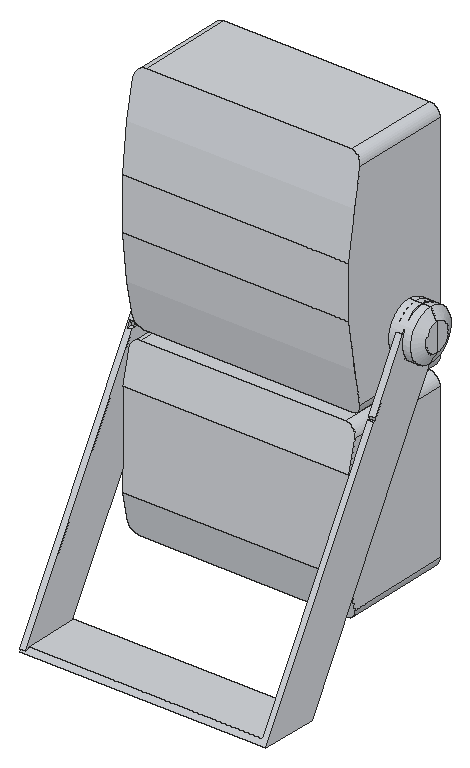
Revit family "Lighting-Floodlights-GEWISS-SMART[PRO]2.0-LED-MEDIUM-POWER_1MODULE_DALI.CLI", category Apparecchi per illuminazione, host Superficie, Revit 2019 (continued)
Types (46, lengths in mm): name | Voltage- | Versions | Unified Glare Rating | Typology | Technical sheet | Standard Deviation Colour Matching | Spostamento_x_effettivo | Spostamento_x | Regolazione inclinazione | Overvoltage resistance : | Optic : | Optic | Operating temperature: | Number of modules | Modello | Minimum distance from the illuminated object | Maximum surface exposed to the wind | Lumen output (lm) | Lifetime | Life Time L90B10 (Tq 50Â°C) : | Life Time L90B10 (Tq 40Â°C) | Life Time L90B10 (Tq 25Â°C) : | Life Time L80B10 (Tq 25Â°C) | Lamp- | LED current | IPEA | IDT | Flusso nominale | Efficiency (lm/W) | Descrizione | Colour temperature: | Colour temperature | Color Rendering Index | Catalogue Range
  GWP2174GD - SMART PRO 1M 4000K CRI70 TYPE C4 DALI | "220 / 240 V - 50 / 60 Hz" | "4000K natural light" | "G*6 - ULOR = 0" | "DALI" | "https://www.gewiss.com/ww/en/search?q=GWP2174GD" | "SDCM = 5" | 2938.794 | 1061.206 | "-120° ÷ + 120° Bracket" | "Common mode: 10KV; Differential mode: 6KV" | "Polished quartz and metallized PC HT reflector" | "C4 - Circular 15°" | "-30 +40 °C" | "1" | "GWP2174GD" | "1M" | "0,085M2" | "20500" | "L90B10 (Tq+25°C) - 50000h L90B10 (Tq+50°C) = 32000h L80B10 (Tq+25°C) - 110000h" | "" | "40000 H" | ">50000 H" | ">110000 H" | "LED" | "0,7 A" | "ROAD = A ++ // LARGE AREAS = A6 + // CYCLOPEDONALS = A3 + // GREEN AREAS = A3 + // HISTORICAL CENTER = A8 + // OTHER = A8 +" | "33379705db8c4ac6ad7f513b6c9e8b0f" | "24000" | "124" | "SMART PRO 1M 4000K CRI70 TYPE C4 DALI" | "4000 K (CRI>70)" | "4000K" | "CRI-70" | "SMART [PRO] 2.0"
  GWP2174HD - SMART PRO 1M 4000K CRI70 TYPE C3 DALI | "220 / 240 V - 50 / 60 Hz" | "4000K natural light" | "G*6 - ULOR = 0" | "DALI" | "https://www.gewiss.com/ww/en/search?q=GWP2174HD" | "SDCM = 5" | 2938.794 | 1061.206 | "-120° ÷ + 120° Bracket" | "Common mode: 10KV; Differential mode: 6KV" | "Polished quartz and metallized PC HT reflector" | "C3 - Circular 20°" | "-30 +40 °C" | "1" | "GWP2174HD" | "1M" | "0,085M2" | "20500" | "L90B10 (Tq+25°C) - 50000h L90B10 (Tq+50°C) = 32000h L80B10 (Tq+25°C) - 110000h" | "" | "40000 H" | ">50000 H" | ">110000 H" | "LED" | "0,7 A" | "ROAD = A ++ // LARGE AREAS = A6 + // CYCLOPEDONALS = A3 + // GREEN AREAS = A3 + // HISTORICAL CENTER = A8 + // OTHER = A8 +" | "c3bde94c8f45461f82fe022f054c9b62" | "24000" | "124" | "SMART PRO 1M 4000K CRI70 TYPE C3 DALI" | "4000 K (CRI>70)" | "4000K" | "CRI-70" | "SMART [PRO] 2.0"
  GWP2174LD - SMART PRO 1M 4000K CRI70 TYPE C2 DALI | "220 / 240 V - 50 / 60 Hz" | "4000K natural light" | "G*6 - ULOR = 0" | "DALI" | "https://www.gewiss.com/ww/en/search?q=GWP2174LD" | "SDCM = 5" | 2938.794 | 1061.206 | "-120° ÷ + 120° Bracket" | "Common mode: 10KV; Differential mode: 6KV" | "Polished quartz and metallized PC HT reflector" | "C2 - Circular 25°" | "-30 +40 °C" | "1" | "GWP2174LD" | "1M" | "0,085M2" | "20000" | "L90B10 (Tq+25°C) - 50000h L90B10 (Tq+50°C) = 32000h L80B10 (Tq+25°C) - 110000h" | "" | "40000 H" | ">50000 H" | ">110000 H" | "LED" | "0,7 A" | "ROAD = A ++ // LARGE AREAS = A5 + // CYCLOPEDONALS = A ++ // GREEN AREAS = A ++ // HISTORICAL CENTER = A7 + // OTHER = A7 +" | "b351f5220b6042cbaab340076bed8e38" | "24000" | "121" | "SMART PRO 1M 4000K CRI70 TYPE C2 DALI" | "4000 K (CRI>70)" | "4000K" | "CRI-70" | "SMART [PRO] 2.0"
  GWP2174MD - SMART PRO 1M 4000K CRI70 TYPE C1 DALI | "220 / 240 V - 50 / 60 Hz" | "4000K natural light" | "G*6 - ULOR = 0" | "DALI" | "https://www.gewiss.com/ww/en/search?q=GWP2174MD" | "SDCM = 5" | 2938.794 | 1061.206 | "-120° ÷ + 120° Bracket" | "Common mode: 10KV; Differential mode: 6KV" | "Polished quartz and metallized PC HT reflector" | "C1 - Circular 30°" | "-30 +40 °C" | "1" | "GWP2174MD" | "1M" | "0,085M2" | "20000" | "L90B10 (Tq+25°C) - 50000h L90B10 (Tq+50°C) = 32000h L80B10 (Tq+25°C) - 110000h" | "" | "40000 H" | ">50000 H" | ">110000 H" | "LED" | "0,7 A" | "ROAD = A ++ // LARGE AREAS = A5 + // CYCLOPEDONALS = A ++ // GREEN AREAS = A ++ // HISTORICAL CENTER = A7 + // OTHER = A7 +" | "875591dee17f4a41ab7b81d6d1d0d833" | "24000" | "121" | "SMART PRO 1M 4000K CRI70 TYPE C1 DALI" | "4000 K (CRI>70)" | "4000K" | "CRI-70" | "SMART [PRO] 2.0"
  GWP2175AD - SMART PRO 1M 5700K CRI70 TYPE S1 DALI | "220 / 240 V - 50 / 60 Hz" | "5700K cold light" | "G*6 - ULOR = 0" | "DALI" | "https://www.gewiss.com/ww/en/search?q=GWP2175AD" | "SDCM = 5" | 2938.794 | 1061.206 | "-120° ÷ + 120° Bracket" | "Common mode: 10KV; Differential mode: 6KV" | "Polished quartz and metallized PC HT reflector" | "S1 - Symmetric Wide" | "-30 +40 °C" | "1" | "GWP2175AD" | "1M" | "0,085M2" | "19600" | "L90B10 (Tq+25°C) - 50000h L90B10 (Tq+50°C) = 32000h L80B10 (Tq+25°C) - 110000h" | "" | "40000 H" | ">50000 H" | ">110000 H" | "LED" | "0,7 A" | "ROAD = A ++ // LARGE AREAS = A5 + // CYCLOPEDONALS = A ++ // GREEN AREAS = A ++ // HISTORICAL CENTER = A7 + // OTHER = A7 +" | "46392bc269c04283af3d267b4dc941af" | "24000" | "119" | "SMART PRO 1M 5700K CRI70 TYPE S1 DALI" | "5700 K (CRI>70)" | "5700K" | "CRI-70" | "SMART [PRO] 2.0"
  GWP2175BD - SMART PRO 1M 5700K CRI70 TYPE S2 DALI | "220 / 240 V - 50 / 60 Hz" | "5700K cold light" | "G*6 - ULOR = 0" | "DALI" | "https://www.gewiss.com/ww/en/search?q=GWP2175BD" | "SDCM = 5" | 2938.794 | 1061.206 | "-120° ÷ + 120° Bracket" | "Common mode: 10KV; Differential mode: 6KV" | "Polished anodised aluminum reflector with 99.99% pure aluminum" | "S2 - Symmetric Medium" | "-30 +40 °C" | "1" | "GWP2175BD" | "1M" | "0,085M2" | "20300" | "L90B10 (Tq+25°C) - 50000h L90B10 (Tq+50°C) = 32000h L80B10 (Tq+25°C) - 110000h" | "" | "40000 H" | ">50000 H" | ">110000 H" | "LED" | "0,7 A" | "ROAD = A ++ // LARGE AREAS = A6 + // CYCLOPEDONALS = A3 + // GREEN AREAS = A3 + // HISTORICAL CENTER = A7 + // OTHER = A7 +" | "119f826a083b40bdb4b0429b1f292288" | "24000" | "123" | "SMART PRO 1M 5700K CRI70 TYPE S2 DALI" | "5700 K (CRI>70)" | "5700K" | "CRI-70" | "SMART [PRO] 2.0"
  GWP2175CD - SMART PRO 1M 5700K CRI70 TYPE A1 DALI | "220 / 240 V - 50 / 60 Hz" | "5700K cold light" | "G*4 - ULOR = 0" | "DALI" | "https://www.gewiss.com/ww/en/search?q=GWP2175CD" | "SDCM = 5" | 2938.794 | 1061.206 | "-120° ÷ + 120° Bracket" | "Common mode: 10KV; Differential mode: 6KV" | "Polished quartz and metallized PC HT reflector" | "A1 - Asymmetrical Wide" | "-30 +40 °C" | "1" | "GWP2175CD" | "1M" | "0,085M2" | "19100" | "L90B10 (Tq+25°C) - 50000h L90B10 (Tq+50°C) = 32000h L80B10 (Tq+25°C) - 110000h" | "" | "40000 H" | ">50000 H" | ">110000 H" | "LED" | "0,7 A" | "ROAD = A + // LARGE AREAS = A5 + // CYCLOPEDONALS = A ++ // GREEN AREAS = A ++ // HISTORICAL CENTER = A6 + // OTHER = A6 +" | "1931f00c146d4d25943004ce45479592" | "24000" | "116" | "SMART PRO 1M 5700K CRI70 TYPE A1 DALI" | "5700 K (CRI>70)" | "5700K" | "CRI-70" | "SMART [PRO] 2.0"
  GWP2175FD - SMART PRO 1M 5700K CRI70 TYPE A2 DALI | "220 / 240 V - 50 / 60 Hz" | "5700K cold light" | "G*3 - ULOR = 0" | "DALI" | "https://www.gewiss.com/ww/en/search?q=GWP2175FD" | "SDCM = 5" | 2938.794 | 1061.206 | "-120° ÷ + 120° Bracket" | "Common mode: 10KV; Differential mode: 6KV" | "Polished anodised aluminum reflector with 99.99% pure aluminum" | "A2 - Asymmetrical Medium" | "-30 +40 °C" | "1" | "GWP2175FD" | "1M" | "0,085M2" | "16400" | "L90B10 (Tq+25°C) - 50000h L90B10 (Tq+50°C) = 32000h L80B10 (Tq+25°C) - 110000h" | "" | "40000 H" | ">50000 H" | ">110000 H" | "LED" | "0,7 A" | "ROAD = A // LARGE AREAS = A ++ // CYCLOPEDONALS = A // GREEN AREAS = A // HISTORICAL CENTER = A4 + // OTHER = A4 +" | "ddc547c578894b1298216b770cafd0b4" | "24000" | "99" | "SMART PRO 1M 5700K CRI70 TYPE A2 DALI" | "5700 K (CRI>70)" | "5700K" | "CRI-70" | "SMART [PRO] 2.0"
  GWP2175GD - SMART PRO 1M 5700K CRI70 TYPE C4 DALI | "220 / 240 V - 50 / 60 Hz" | "5700K cold light" | "G*6 - ULOR = 0" | "DALI" | "https://www.gewiss.com/ww/en/search?q=GWP2175GD" | "SDCM = 5" | 2938.794 | 1061.206 | "-120° ÷ + 120° Bracket" | "Common mode: 10KV; Differential mode: 6KV" | "Polished quartz and metallized PC HT reflector" | "C4 - Circular 15°" | "-30 +40 °C" | "1" | "GWP2175GD" | "1M" | "0,085M2" | "20500" | "L90B10 (Tq+25°C) - 50000h L90B10 (Tq+50°C) = 32000h L80B10 (Tq+25°C) - 110000h" | "" | "40000 H" | ">50000 H" | ">110000 H" | "LED" | "0,7 A" | "ROAD = A ++ // LARGE AREAS = A6 + // CYCLOPEDONALS = A3 + // GREEN AREAS = A3 + // HISTORICAL CENTER = A8 + // OTHER = A8 +" | "69762f017caf489d83bad4692ae63149" | "24000" | "124" | "SMART PRO 1M 5700K CRI70 TYPE C4 DALI" | "5700 K (CRI>70)" | "5700K" | "CRI-70" | "SMART [PRO] 2.0"
  GWP2175HD - SMART PRO 1M 5700K CRI70 TYPE C3 DALI | "220 / 240 V - 50 / 60 Hz" | "5700K cold light" | "G*6 - ULOR = 0" | "DALI" | "https://www.gewiss.com/ww/en/search?q=GWP2175HD" | "SDCM = 5" | 2938.794 | 1061.206 | "-120° ÷ + 120° Bracket" | "Common mode: 10KV; Differential mode: 6KV" | "Polished quartz and metallized PC HT reflector" | "C3 - Circular 20°" | "-30 +40 °C" | "1" | "GWP2175HD" | "1M" | "0,085M2" | "20500" | "L90B10 (Tq+25°C) - 50000h L90B10 (Tq+50°C) = 32000h L80B10 (Tq+25°C) - 110000h" | "" | "40000 H" | ">50000 H" | ">110000 H" | "LED" | "0,7 A" | "ROAD = A ++ // LARGE AREAS = A6 + // CYCLOPEDONALS = A3 + // GREEN AREAS = A3 + // HISTORICAL CENTER = A8 + // OTHER = A8 +" | "dba908b8bc5849fcb38b1480a8a6a124" | "24000" | "124" | "SMART PRO 1M 5700K CRI70 TYPE C3 DALI" | "5700 K (CRI>70)" | "5700K" | "CRI-70" | "SMART [PRO] 2.0"
  GWP2175LD - SMART PRO 1M 5700K CRI70 TYPE C2 DALI | "220 / 240 V - 50 / 60 Hz" | "5700K cold light" | "G*6 - ULOR = 0" | "DALI" | "https://www.gewiss.com/ww/en/search?q=GWP2175LD" | "SDCM = 5" | 2938.794 | 1061.206 | "-120° ÷ + 120° Bracket" | "Common mode: 10KV; Differential mode: 6KV" | "Polished quartz and metallized PC HT reflector" | "C2 - Circular 25°" | "-30 +40 °C" | "1" | "GWP2175LD" | "1M" | "0,085M2" | "20000" | "L90B10 (Tq+25°C) - 50000h L90B10 (Tq+50°C) = 32000h L80B10 (Tq+25°C) - 110000h" | "" | "40000 H" | ">50000 H" | ">110000 H" | "LED" | "0,7 A" | "ROAD = A ++ // LARGE AREAS = A5 + // CYCLOPEDONALS = A ++ // GREEN AREAS = A ++ // HISTORICAL CENTER = A7 + // OTHER = A7 +" | "edc56348042a45ad992585e710b22ea1" | "24000" | "121" | "SMART PRO 1M 5700K CRI70 TYPE C2 DALI" | "5700 K (CRI>70)" | "5700K" | "CRI-70" | "SMART [PRO] 2.0"
  GWP2175MD - SMART PRO 1M 5700K CRI70 TYPE C1 DALI | "220 / 240 V - 50 / 60 Hz" | "5700K cold light" | "G*6 - ULOR = 0" | "DALI" | "https://www.gewiss.com/ww/en/search?q=GWP2175MD" | "SDCM = 5" | 2939 | 1061 | "-120° ÷ + 120° Bracket" | "Common mode: 10KV; Differential mode: 6KV" | "Polished quartz and metallized PC HT reflector" | "C1 - Circular 30°" | "-30 +40 °C" | "1" | "GWP2175MD" | "1M" | "0,085M2" | "20000" | "L90B10 (Tq+25°C) - 50000h L90B10 (Tq+50°C) = 32000h L80B10 (Tq+25°C) - 110000h" | "" | "40000 H" | ">50000 H" | ">110000 H" | "LED" | "0,7 A" | "ROAD = A ++ // LARGE AREAS = A5 + // CYCLOPEDONALS = A ++ // GREEN AREAS = A ++ // HISTORICAL CENTER = A7 + // OTHER = A7 +" | "ffc022d0a8bd4decbcbec3e6ddc89799" | "24000" | "121" | "SMART PRO 1M 5700K CRI70 TYPE C1 DALI" | "5700 K (CRI>70)" | "5700K" | "CRI-70" | "SMART [PRO] 2.0"
  GWP2184AD - SMART PRO 1M 4000K CRI80 TYPE S1 DALI | "220 / 240 V - 50 / 60 Hz" | "4000K natural light" | "G*6 - ULOR = 0" | "DALI" | "https://www.gewiss.com/ww/en/search?q=GWP2184AD" | "SDCM = 3" | 2938.794 | 1061.206 | "-120° ÷ + 120° Bracket" | "Common mode: 10KV; Differential mode: 6KV" | "Polished quartz and metallized PC HT reflector" | "S1 - Symmetric Wide" | "-30 +40 °C" | "1" | "GWP2184AD" | "1M" | "0,085M2" | "18300" | "L90B10 (Tq+25°C) - 50000h L90B10 (Tq+50°C) = 32000h L80B10 (Tq+25°C) - 110000h" | "" | "40000 H" | ">50000 H" | ">110000 H" | "LED" | "0,7 A" | "-" | "d6225d75cf6b4744a1bc7dbdfeaaf00d" | "23000" | "111" | "SMART PRO 1M 4000K CRI80 TYPE S1 DALI" | "4000 K (CRI>80)" | "4000K" | "CRI-80" | "SMART [PRO] 2.0"
  GWP2184BD - SMART PRO 1M 4000K CRI80 TYPE S2 DALI | "220 / 240 V - 50 / 60 Hz" | "4000K natural light" | "G*6 - ULOR = 0" | "DALI" | "https://www.gewiss.com/ww/en/search?q=GWP2184BD" | "SDCM = 3" | 2938.794 | 1061.206 | "-120° ÷ + 120° Bracket" | "Common mode: 10KV; Differential mode: 6KV" | "Polished anodised aluminum reflector with 99.99% pure aluminum" | "S2 - Symmetric Medium" | "-30 +40 °C" | "1" | "GWP2184BD" | "1M" | "0,085M2" | "19000" | "L90B10 (Tq+25°C) - 50000h L90B10 (Tq+50°C) = 32000h L80B10 (Tq+25°C) - 110000h" | "" | "40000 H" | ">50000 H" | ">110000 H" | "LED" | "0,7 A" | "ROAD = A + // LARGE AREAS = A5 + // CYCLOPEDONALS = A ++ // GREEN AREAS = A ++ // HISTORICAL CENTER = A6 + // OTHER = A6 +" | "cb163016d8a64c65bcbe5f90d189a08e" | "23000" | "115" | "SMART PRO 1M 4000K CRI80 TYPE S2 DALI" | "4000 K (CRI>80)" | "4000K" | "CRI-80" | "SMART [PRO] 2.0"
  GWP2184CD - SMART PRO 1M 4000K CRI80 TYPE A1 DALI | "220 / 240 V - 50 / 60 Hz" | "4000K natural light" | "G*4 - ULOR = 0" | "DALI" | "https://www.gewiss.com/ww/en/search?q=GWP2184CD" | "SDCM = 3" | 2938.794 | 1061.206 | "-120° ÷ + 120° Bracket" | "Common mode: 10KV; Differential mode: 6KV" | "Polished quartz and metallized PC HT reflector" | "A1 - Asymmetrical Wide" | "-30 +40 °C" | "1" | "GWP2184CD" | "1M" | "0,085M2" | "17800" | "L90B10 (Tq+25°C) - 50000h L90B10 (Tq+50°C) = 32000h L80B10 (Tq+25°C) - 110000h" | "" | "40000 H" | ">50000 H" | ">110000 H" | "LED" | "0,7 A" | "ROAD = A + // LARGE AREAS = A3 + // CYCLOPEDONALS = A + // GREEN AREAS = A + // HISTORICAL CENTER = A5 + // OTHER = A5 +" | "0e63a9c1297f457eb1e2568cd6e6aa68" | "23000" | "108" | "SMART PRO 1M 4000K CRI80 TYPE A1 DALI" | "4000 K (CRI>80)" | "4000K" | "CRI-80" | "SMART [PRO] 2.0"
  GWP2184FD - SMART PRO 1M 4000K CRI80 TYPE A2 DALI | "220 / 240 V - 50 / 60 Hz" | "4000K natural light" | "G*3 - ULOR = 0" | "DALI" | "https://www.gewiss.com/ww/en/search?q=GWP2184FD" | "SDCM = 3" | 2938.794 | 1061.206 | "-120° ÷ + 120° Bracket" | "Common mode: 10KV; Differential mode: 6KV" | "Polished anodised aluminum reflector with 99.99% pure aluminum" | "A2 - Asymmetrical Medium" | "-30 +40 °C" | "1" | "GWP2184FD" | "1M" | "0,085M2" | "15300" | "L90B10 (Tq+25°C) - 50000h L90B10 (Tq+50°C) = 32000h L80B10 (Tq+25°C) - 110000h" | "" | "40000 H" | ">50000 H" | ">110000 H" | "LED" | "0,7 A" | "ROAD = B // LARGE AREAS = A + // CYCLOPEDONALS = B // GREEN AREAS = B // HISTORICAL CENTER = A3 + // OTHER = A3 +" | "703be24bf0034165aa37b59490841785" | "23000" | "93" | "SMART PRO 1M 4000K CRI80 TYPE A2 DALI" | "4000 K (CRI>80)" | "4000K" | "CRI-80" | "SMART [PRO] 2.0"
  GWP2184GD - SMART PRO 1M 4000K CRI80 TYPE C4 DALI | "220 / 240 V - 50 / 60 Hz" | "4000K natural light" | "G*6 - ULOR = 0" | "DALI" | "https://www.gewiss.com/ww/en/search?q=GWP2184GD" | "SDCM = 3" | 2938.794 | 1061.206 | "-120° ÷ + 120° Bracket" | "Common mode: 10KV; Differential mode: 6KV" | "Polished quartz and metallized PC HT reflector" | "C4 - Circular 15°" | "-30 +40 °C" | "1" | "GWP2184GD" | "1M" | "0,085M2" | "19100" | "L90B10 (Tq+25°C) - 50000h L90B10 (Tq+50°C) = 32000h L80B10 (Tq+25°C) - 110000h" | "" | "40000 H" | ">50000 H" | ">110000 H" | "LED" | "0,7 A" | "ROAD = A + // LARGE AREAS = A5 + // CYCLOPEDONALS = A ++ // GREEN AREAS = A ++ // HISTORICAL CENTER = A6 + // OTHER = A6 +" | "4cd1a6518dd04f62873fae35e7034f2f" | "23000" | "116" | "SMART PRO 1M 4000K CRI80 TYPE C4 DALI" | "4000 K (CRI>80)" | "4000K" | "CRI-80" | "SMART [PRO] 2.0"
  GWP2184HD - SMART PRO 1M 4000K CRI80 TYPE C3 DALI | "220 / 240 V - 50 / 60 Hz" | "4000K natural light" | "G*6 - ULOR = 0" | "DALI" | "https://www.gewiss.com/ww/en/search?q=GWP2184HD" | "SDCM = 3" | 2938.794 | 1061.206 | "-120° ÷ + 120° Bracket" | "Common mode: 10KV; Differential mode: 6KV" | "Polished quartz and metallized PC HT reflector" | "C3 - Circular 20°" | "-30 +40 °C" | "1" | "GWP2184HD" | "1M" | "0,085M2" | "19100" | "L90B10 (Tq+25°C) - 50000h L90B10 (Tq+50°C) = 32000h L80B10 (Tq+25°C) - 110000h" | "" | "40000 H" | ">50000 H" | ">110000 H" | "LED" | "0,7 A" | "ROAD = A + // LARGE AREAS = A5 + // CYCLOPEDONALS = A ++ // GREEN AREAS = A ++ // HISTORICAL CENTER = A6 + // OTHER = A6 +" | "7759a0156d114a6f8af528ec76b354e9" | "23000" | "116" | "SMART PRO 1M 4000K CRI80 TYPE C3 DALI" | "4000 K (CRI>80)" | "4000K" | "CRI-80" | "SMART [PRO] 2.0"
  GWP2184LD - SMART PRO 1M 4000K CRI80 TYPE C2 DALI | "220 / 240 V - 50 / 60 Hz" | "4000K natural light" | "G*6 - ULOR = 0" | "DALI" | "https://www.gewiss.com/ww/en/search?q=GWP2184LD" | "SDCM = 3" | 2938.794 | 1061.206 | "-120° ÷ + 120° Bracket" | "Common mode: 10KV; Differential mode: 6KV" | "Polished quartz and metallized PC HT reflector" | "C2 - Circular 25°" | "-30 +40 °C" | "1" | "GWP2184LD" | "1M" | "0,085M2" | "18700" | "L90B10 (Tq+25°C) - 50000h L90B10 (Tq+50°C) = 32000h L80B10 (Tq+25°C) - 110000h" | "" | "40000 H" | ">50000 H" | ">110000 H" | "LED" | "0,7 A" | "-" | "2a08f6d2fdf34a4b9e82a12940a9dce9" | "23000" | "113" | "SMART PRO 1M 4000K CRI80 TYPE C2 DALI" | "4000 K (CRI>80)" | "4000K" | "CRI-80" | "SMART [PRO] 2.0"
  GWP2184MD - SMART PRO 1M 4000K CRI80 TYPE C1 DALI | "220 / 240 V - 50 / 60 Hz" | "4000K natural light" | "G*6 - ULOR = 0" | "DALI" | "https://www.gewiss.com/ww/en/search?q=GWP2184MD" | "SDCM = 3" | 2938.794 | 1061.206 | "-120° ÷ + 120° Bracket" | "Common mode: 10KV; Differential mode: 6KV" | "Polished quartz and metallized PC HT reflector" | "C1 - Circular 30°" | "-30 +40 °C" | "1" | "GWP2184MD" | "1M" | "0,085M2" | "18700" | "L90B10 (Tq+25°C) - 50000h L90B10 (Tq+50°C) = 32000h L80B10 (Tq+25°C) - 110000h" | "" | "40000 H" | ">50000 H" | ">110000 H" | "LED" | "0,7 A" | "-" | "1c8557c44a7a4292b186e33cb6aec13a" | "23000" | "113" | "SMART PRO 1M 4000K CRI80 TYPE C1 DALI" | "4000 K (CRI>80)" | "4000K" | "CRI-80" | "SMART [PRO] 2.0"
  GWP2173ND - SMARTPRO2.0 1M 3000K CRI70 A3 DALI CL1 | "220 / 240 V - 50 / 60 Hz" | "3000K warm light" | "G*6 - ULOR = 0" | "DALI" | "https://www.gewiss.com/ww/en/search?q=GWP2173ND" | "SDCM = 5" | 2938.794 | 1061.206 | "-120° ÷ + 120° Bracket" | "Common mode: 10KV; Differential mode: 6KV" | "Polished anodised aluminum reflector with 99.99% pure aluminum" | "A3 - Assymetric Narrow" | "-30 +50 °C" | "1" | "GWP2173ND" | "1M" | "0,085M2" | "17600" | "L90B10 (Tq+25°C) - 50000h L90B10 (Tq+50°C) = 32000h L80B10 (Tq+25°C) - 110000h" | "32000 H" | "" | ">40000 H" | ">90000 H" | "LED" | "0,7 A" | "ROAD = A // LARGE AREAS = A3 + // CYCLOPEDONALS = A + // GREEN AREAS = A + // HISTORICAL CENTER = A5 + // OTHER = A5 +" | "2182814d225341a59a4a53d4f508f5ea" | "23000" | "107" | "SMARTPRO2.0 1M 3000K CRI70 A3 DALI CL1" | "3000 K (CRI>70)" | "3000K" | "CRI-70" | "SMART [PRO] 2.0"
  GWP2174ND - SMARTPRO2.0 1M 4000K CRI70 A3 DALI CL1 | "220 / 240 V - 50 / 60 Hz" | "4000K natural light" | "G*6 - ULOR = 0" | "DALI" | "https://www.gewiss.com/ww/en/search?q=GWP2174ND" | "SDCM = 5" | 2938.794 | 1061.206 | "-120° ÷ + 120° Bracket" | "Common mode: 10KV; Differential mode: 6KV" | "Polished anodised aluminum reflector with 99.99% pure aluminum" | "A3 - Assymetric Narrow" | "-30 +50 °C" | "1" | "GWP2174ND" | "1M" | "0,085M2" | "18800" | "L90B10 (Tq+25°C) - 50000h L90B10 (Tq+50°C) = 32000h L80B10 (Tq+25°C) - 110000h" | "32000 H" | "" | ">40000 H" | ">90000 H" | "LED" | "0,7 A" | "-" | "eb2cf4fa144146bfbd62718b20c03e0e" | "24000" | "114" | "SMARTPRO2.0 1M 4000K CRI70 A3 DALI CL1" | "4000 K (CRI>70)" | "4000K" | "CRI-70" | "SMART [PRO] 2.0"
  GWP2175ND - SMARTPRO2.0 1M 5700K CRI70 A3 DALI CL1 | "220 / 240 V - 50 / 60 Hz" | "5700K cold light" | "G*6 - ULOR = 0" | "DALI" | "https://www.gewiss.com/ww/en/search?q=GWP2175ND" | "SDCM = 5" | 2939 | 1061 | "-120° ÷ + 120° Bracket" | "Common mode: 10KV; Differential mode: 6KV" | "Polished anodised aluminum reflector with 99.99% pure aluminum" | "A3 - Assymetric Narrow" | "-30 +50 °C" | "1" | "GWP2175ND" | "1M" | "0,085M2" | "18800" | "L90B10 (Tq+25°C) - 50000h L90B10 (Tq+50°C) = 32000h L80B10 (Tq+25°C) - 110000h" | "32000 H" | "" | ">40000 H" | ">90000 H" | "LED" | "0,7 A" | "-" | "84e20e0ec7b84b139539c076501196d1" | "24000" | "114" | "SMARTPRO2.0 1M 5700K CRI70 A3 DALI CL1" | "5700 K (CRI>70)" | "5700K" | "CRI-70" | "SMART [PRO] 2.0"
  GWP2184ND - SMARTPRO2.0 1M 4000K CRI80 A3 DALI CL1 | "220 / 240 V - 50 / 60 Hz" | "4000K natural light" | "G*6 - ULOR = 0" | "DALI" | "https://www.gewiss.com/ww/en/search?q=GWP2184ND" | "SDCM = 3" | 2938.794 | 1061.206 | "-120° ÷ + 120° Bracket" | "Common mode: 10KV; Differential mode: 6KV" | "Polished anodised aluminum reflector with 99.99% pure aluminum" | "A3 - Assymetric Narrow" | "-30 +50 °C" | "1" | "GWP2184ND" | "1M" | "0,085M2" | "17600" | "L90B10 (Tq+25°C) - 50000h L90B10 (Tq+50°C) = 32000h L80B10 (Tq+25°C) - 110000h" | "32000 H" | "" | ">40000 H" | ">90000 H" | "LED" | "0,7 A" | "ROAD = A // LARGE AREAS = A3 + // CYCLOPEDONALS = A + // GREEN AREAS = A + // HISTORICAL CENTER = A5 + // OTHER = A5 +" | "a9b8ffb25108400b99db7532c65948c2" | "23000" | "107" | "SMARTPRO2.0 1M 4000K CRI80 A3 DALI CL1" | "4000 K (CRI>80)" | "4000K" | "CRI-80" | "SMART [PRO] 2.0"
  GWP2185AD - SMARTPRO2.0 1M 5700K CRI80 S1 DALI CL1 | "" | "5700K cold light" | "G*6 - ULOR = 0" | "" | "https://www.gewiss.com/ww/en/search?q=GWP2185AD" | "SDCM = 3" | 2938.794 | 1061.206 | "" | "" | "Polished quartz and metallized PC HT reflector" | "S1 - Symmetric Wide" | "" | "" | "GWP2185AD" | "" | "" | "18300" | "L90B10 (Tq+25°C) - 50000h L90B10 (Tq+50°C) = 32000h L80B10 (Tq+25°C) - 110000h" | "" | "" | "" | "" | "" | "" | "-" | "8188866e3caa46a7a08a37d9a5dfa893" | "" | "111" | "SMARTPRO2.0 1M 5700K CRI80 S1 DALI CL1" | "" | "5700K" | "CRI-80" | ""
  GWP2185BD - SMARTPRO2.0 1M 5700K CRI80 S2 DALI CL1 | "" | "5700K cold light" | "G*6 - ULOR = 0" | "" | "https://www.gewiss.com/ww/en/search?q=GWP2185BD" | "SDCM = 3" | 2938.794 | 1061.206 | "" | "" | "Polished anodised aluminum reflector with 99.99% pure aluminum" | "S2 - Symmetric Medium" | "" | "" | "GWP2185BD" | "" | "" | "19000" | "L90B10 (Tq+25°C) - 50000h L90B10 (Tq+50°C) = 32000h L80B10 (Tq+25°C) - 110000h" | "" | "" | "" | "" | "" | "" | "ROAD = A + // LARGE AREAS = A5 + // CYCLOPEDONALS = A ++ // GREEN AREAS = A ++ // HISTORICAL CENTER = A6 + // OTHER = A6 +" | "cd508921722e4b9e9ae4d8cdaf121cf5" | "" | "115" | "SMARTPRO2.0 1M 5700K CRI80 S2 DALI CL1" | "" | "5700K" | "CRI-80" | ""
  GWP2185CD - SMARTPRO2.0 1M 5700K CRI80 A1 DALI CL1 | "" | "5700K cold light" | "G*4 - ULOR = 0" | "" | "https://www.gewiss.com/ww/en/search?q=GWP2185CD" | "SDCM = 3" | 2938.794 | 1061.206 | "" | "" | "Polished quartz and metallized PC HT reflector" | "A1 - Asymmetrical Wide" | "" | "" | "GWP2185CD" | "" | "" | "17800" | "L90B10 (Tq+25°C) - 50000h L90B10 (Tq+50°C) = 32000h L80B10 (Tq+25°C) - 110000h" | "" | "" | "" | "" | "" | "" | "ROAD = A + // LARGE AREAS = A3 + // CYCLOPEDONALS = A + // GREEN AREAS = A + // HISTORICAL CENTER = A5 + // OTHER = A5 +" | "e055d97f16584270ae6f278464f0447d" | "" | "108" | "SMARTPRO2.0 1M 5700K CRI80 A1 DALI CL1" | "" | "5700K" | "CRI-80" | ""
  GWP2185FD - SMARTPRO2.0 1M 5700K CRI80 A2 DALI CL1 | "" | "5700K cold light" | "G*3 - ULOR = 0" | "" | "https://www.gewiss.com/ww/en/search?q=GWP2185FD" | "SDCM = 3" | 2938.794 | 1061.206 | "" | "" | "Polished anodised aluminum reflector with 99.99% pure aluminum" | "A2 - Asymmetrical Medium" | "" | "" | "GWP2185FD" | "" | "" | "15300" | "L90B10 (Tq+25°C) - 50000h L90B10 (Tq+50°C) = 32000h L80B10 (Tq+25°C) - 110000h" | "" | "" | "" | "" | "" | "" | "ROAD = B // LARGE AREAS = A + // CYCLOPEDONALS = B // GREEN AREAS = B // HISTORICAL CENTER = A3 + // OTHER = A3 +" | "41badfdc78fb4723a2fcfd882cb623db" | "" | "93" | "SMARTPRO2.0 1M 5700K CRI80 A2 DALI CL1" | "" | "5700K" | "CRI-80" | ""
  GWP2185GD - SMARTPRO2.0 1M 5700K CRI80 C4 DALI CL1 | "" | "5700K cold light" | "G*6 - ULOR = 0" | "" | "https://www.gewiss.com/ww/en/search?q=GWP2185GD" | "SDCM = 3" | 2938.794 | 1061.206 | "" | "" | "Polished quartz and metallized PC HT reflector" | "C4 - Circular 15°" | "" | "" | "GWP2185GD" | "" | "" | "19100" | "L90B10 (Tq+25°C) - 50000h L90B10 (Tq+50°C) = 32000h L80B10 (Tq+25°C) - 110000h" | "" | "" | "" | "" | "" | "" | "ROAD = A + // LARGE AREAS = A5 + // CYCLOPEDONALS = A ++ // GREEN AREAS = A ++ // HISTORICAL CENTER = A6 + // OTHER = A6 +" | "2a0a65e89f3c48c3a7dce1150af33eb0" | "" | "116" | "SMARTPRO2.0 1M 5700K CRI80 C4 DALI CL1" | "" | "5700K" | "CRI-80" | ""
  GWP2185HD - SMARTPRO2.0 1M 5700K CRI80 C3 DALI CL1 | "" | "5700K cold light" | "G*6 - ULOR = 0" | "" | "https://www.gewiss.com/ww/en/search?q=GWP2185HD" | "SDCM = 3" | 2938.794 | 1061.206 | "" | "" | "Polished quartz and metallized PC HT reflector" | "C3 - Circular 20°" | "" | "" | "GWP2185HD" | "" | "" | "19100" | "L90B10 (Tq+25°C) - 50000h L90B10 (Tq+50°C) = 32000h L80B10 (Tq+25°C) - 110000h" | "" | "" | "" | "" | "" | "" | "ROAD = A + // LARGE AREAS = A5 + // CYCLOPEDONALS = A ++ // GREEN AREAS = A ++ // HISTORICAL CENTER = A6 + // OTHER = A6 +" | "7039e69aa6b74ec1b781b30c39773e23" | "" | "116" | "SMARTPRO2.0 1M 5700K CRI80 C3 DALI CL1" | "" | "5700K" | "CRI-80" | ""
  GWP2185LD - SMARTPRO2.0 1M 5700K CRI80 C2 DALI CL1 | "" | "5700K cold light" | "G*6 - ULOR = 0" | "" | "https://www.gewiss.com/ww/en/search?q=GWP2185LD" | "SDCM = 3" | 2938.794 | 1061.206 | "" | "" | "Polished quartz and metallized PC HT reflector" | "C2 - Circular 25°" | "" | "" | "GWP2185LD" | "" | "" | "18700" | "L90B10 (Tq+25°C) - 50000h L90B10 (Tq+50°C) = 32000h L80B10 (Tq+25°C) - 110000h" | "" | "" | "" | "" | "" | "" | "-" | "e1477f1d06ae4c599c3a3391257b6c82" | "" | "113" | "SMARTPRO2.0 1M 5700K CRI80 C2 DALI CL1" | "" | "5700K" | "CRI-80" | ""
  GWP2185MD - SMARTPRO2.0 1M 5700K CRI80 C1 DALI CL1 | "" | "5700K cold light" | "G*6 - ULOR = 0" | "" | "https://www.gewiss.com/ww/en/search?q=GWP2185MD" | "SDCM = 3" | 2938.794 | 1061.206 | "" | "" | "Polished quartz and metallized PC HT reflector" | "C1 - Circular 30°" | "" | "" | "GWP2185MD" | "" | "" | "18700" | "L90B10 (Tq+25°C) - 50000h L90B10 (Tq+50°C) = 32000h L80B10 (Tq+25°C) - 110000h" | "" | "" | "" | "" | "" | "" | "-" | "d367bc7ac6d74861aaa676461f94c1b5" | "" | "113" | "SMARTPRO2.0 1M 5700K CRI80 C1 DALI CL1" | "" | "5700K" | "CRI-80" | ""
  GWP2185ND - SMARTPRO2.0 1M 5700K CRI80 A3 DALI CL1 | "" | "5700K cold light" | "G*6 - ULOR = 0" | "" | "https://www.gewiss.com/ww/en/search?q=GWP2185ND" | "SDCM = 3" | 2938.794 | 1061.206 | "" | "" | "Polished anodised aluminum reflector with 99.99% pure aluminum" | "A3 - Assymetric Narrow" | "" | "" | "GWP2185ND" | "" | "" | "17600" | "L90B10 (Tq+25°C) - 50000h L90B10 (Tq+50°C) = 32000h L80B10 (Tq+25°C) - 110000h" | "" | "" | "" | "" | "" | "" | "ROAD = A // LARGE AREAS = A3 + // CYCLOPEDONALS = A + // GREEN AREAS = A + // HISTORICAL CENTER = A5 + // OTHER = A5 +" | "706d4f98386b454aa472bb2581cb3bfe" | "" | "107" | "SMARTPRO2.0 1M 5700K CRI80 A3 DALI CL1" | "" | "5700K" | "CRI-80" | ""
